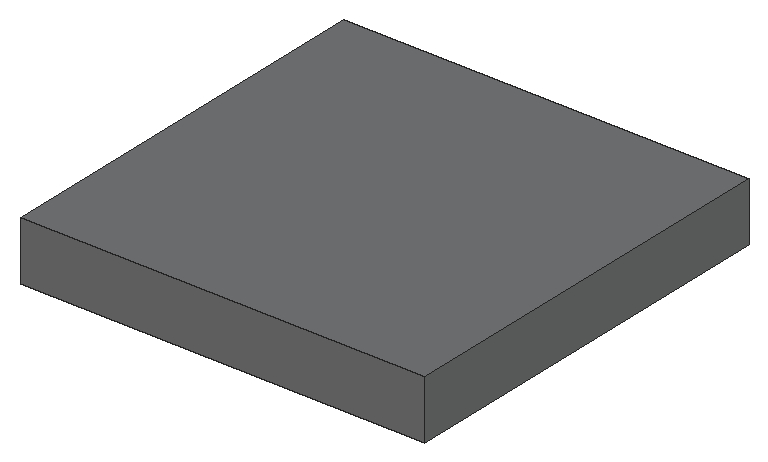
Revit family "Gira_026801", category Electrical Fixtures, host Face, Revit 2017
Family settings
  Host = Face
  Maintain Annotation Orientation = No
  Round Connector Dimension = Use Diameter
  Part Type = Normal
  Cut with Voids When Loaded = No
  Shared = No
  Room Calculation Point = No
Parameters (values of type "Blindabd. Tragring System 55 Cremeweiß")
  Zusammenstellung = "Bedienelement"
  Werkstoffgüte = "sonstige"
  Werkstoff = "sonstige"
  Verwendung = "Blindabdeckung"
  URL = "http://katalog.gira.de/de_DE/datenblatt.html?artikelnr=026801"
  Transparent = "No"
  Tragring = "Yes"
  Region = "DE"
  RAL-Nummer (ähnlich) = "1013 "
  Oberfläche = "sonstige"
  Name = "Blindabd. Tragring System 55 Cremeweiß"
  Montageart = "unter Putz"
  Mit Zugentlastung = "No"
  Mit Staubschutz = "No"
  Mit Klappdeckel = "No"
  Mit Aufdruck = "No"
  Manufacturer URL = "https://www.gira.de/"
  Lüsterklemme = "No"
  Keynote = "Sys55_Abdeckung_Schalten und Tasten"
  HeinzeBIM = "https://bimportal.heinze.de/bim/blindabd-tragring-system-55-cremeweiss/e26a836528c4f254fd446f2be50a7cdccb717a2d"
  Halogenfrei = "Yes"
  HAN = "026801"
  Geeignet für Schutzart (IP) = "IP20"
  GTIN = "4010337268017"
  Farbe = "cremeweiß (elektroweiß)"
  Default Elevation = 1219.2 mm
  Data sheet (1) = "https://katalog.gira.de/de_DE/download.html?artikelnr=026801"
  Category = "Einsatz/Abdeckung für Kommunikationstechnik"
  Beschriftungsfeld = "ohne Beschriftungsfeld"
  Befestigungsart = "Befestigung mit Schraube"
  Available = "Yes"
  Ausführung der Oberfläche = "glänzend"
  Anthrazit [instance] = Anthrazit
Reference planes
  plane 1 "Center (Front/Back)": y = 0
  plane 2: z = 0
  plane 3 "Center (Left/Right)": x = 0
Forms (mm)
  Extrusion 1, solid, material "Anthrazit" <- "Anthrazit", detail levels fine
    sketch origin (0, 0, 0) x (1, 0, 0) y (0, 1, 0)
      loop
        line (-27.5, 27.5) -> (-27.5, -27.5) -> (27.5, -27.5) -> (27.5, 27.5) -> (-27.5, 27.5)
    from 0 to 8
  Extrusion 2, void
    sketch origin (0, 0, 0) x (1, 0, 0) y (0, 1, 0)
      loop
        line (26, 26) -> (-26, 26) -> (-26, -26) -> (26, -26) -> (26, 26)
    from 0 to 6
  Extrusion 3, solid, material "Anthrazit" <- "Anthrazit", detail levels medium
    sketch origin (0, 0, 0) x (1, 0, 0) y (0, 1, 0)
      loop
        line (-27.5, 27.5) -> (-27.5, -27.5) -> (27.5, -27.5) -> (27.5, 27.5) -> (-27.5, 27.5)
    from 0 to 8
  Extrusion 4, solid, material "Anthrazit" <- "Anthrazit", detail levels medium
    sketch origin (0, 0, 0) x (1, 0, 0) y (0, 1, 0)
      loop
        line (11, -17.5) -> (11, 17.5) -> (-11, 17.5) -> (-11, -17.5) -> (11, -17.5)
    from -6 to 6
  Extrusion 5, solid, material "Anthrazit" <- "Anthrazit", detail levels fine
    sketch origin (0, 0, 0) x (1, 0, 0) y (0, 1, 0)
      loop
        line (11, 17.5) -> (-11, 17.5) -> (-11, 16.5) -> (11, 16.5) -> (11, 17.5)
      loop
        line (-11, -16.5) -> (-11, -17.5) -> (11, -17.5) -> (11, -16.5) -> (-11, -16.5)
    from -4 to 6
  Extrusion 6, solid, material "Anthrazit" <- "Anthrazit", detail levels fine
    sketch origin (0, 0, 0) x (1, 0, 0) y (0, 1, 0)
      loop
        arc (5, 9.347) -> (0, 10.6) -> (-5, 9.347) r 10.6
        line (-5, 9.347) -> (-5, -9.347)
        arc (-5, -9.347) -> (0, -10.6) -> (5, -9.347) r 10.6
        line (5, -9.347) -> (5, 9.347)
    from -6 to 6
  Extrusion 7, solid, material "Anthrazit" <- "Anthrazit", detail levels coarse
    sketch origin (0, 0, 0) x (1, 0, 0) y (0, 1, 0)
      loop
        line (-27.5, 27.5) -> (-27.5, -27.5) -> (27.5, -27.5) -> (27.5, 27.5) -> (-27.5, 27.5)
    from -6 to 8
Cuts and joins
  Extrusion 2 cuts Extrusion 1
Dimensions and locks
  aligned and locked: plane 2 to host face
  aligned and locked: level to host face
